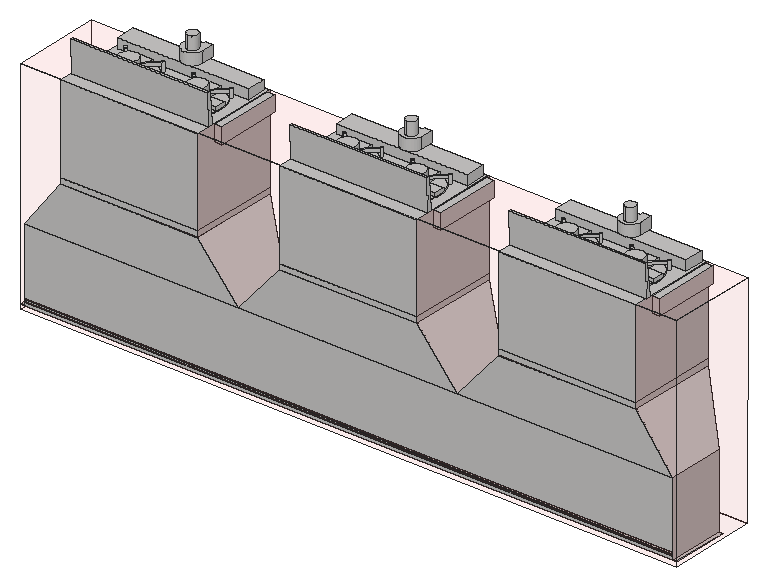
Revit family "Air-Curtain_Industrial_PoweredAire_Gas-Indirect-3Heater", category Mechanical Equipment, host Face, Revit 2019
Family settings
  Host = Face
  Round Connector Dimension = Use Diameter
  Part Type = Normal
  OmniClass Number = 23.75.35.17.21
  OmniClass Title = Air Curtains
  Cut with Voids When Loaded = No
  Shared = No
  Room Calculation Point = No
Parameters (values of type "22 ft Opening EHD 240'' Nozzle")
  topbracket [instance] = Unit Height = 1' 4 3/4"  # no
  Warranty Duration (Years) = 0
  Unit Width Notes = "Other Widths available."  # constant formula
  Unit Width = 20' - 3 3/8"
  Unit Weight = 2870
  Unit Height = 1' - 9"
  Unit Depth = 2' - 3 1/4"
  URL = "http://www.poweredaire.com/"
  Test Data = ""
  Standards Conformance = "AGA  ;  Made in USA"
  Specification = "http://www.arcat.com/sdspecs/htm04/23_34_33pai.htm"
  SpecWizard = ""
  Sound Pressure = ">71 dBA"
  Sales Information = "http://www.poweredaire.com/contact_us"
  Revision = "R1_2016-08"
  Projection from Host [instance] = 0' - 2"
  Product Properties = ""
  Product Data = "http://www.arcat.com/arcatcos/cos47/arc47623.html"
  Power Rating = 0 W
  Piping_Operating Pressure [instance] = 0.00 psi
  Pipe OD [instance] = 5/8"
  Overall Depth = 6' - 7 3/4"
  Nozzle Width = if(1 = 1, Unit Width - 0' 3", 0' 0")  # 20' - 0 3/8"
  Mounting Width = if(1 = 1, Unit Width - 0' 1 1/2", 0' 0")  # 20' - 1 7/8"
  Mounting Height [instance] = 3' - 6"
  Motor RPM = 1160
  Motor HP = 5
  Motor Count = 4
  Model = "EHD-4-240IG"
  Max Height = 22' - 0"
  Manufacturer Website = "http://www.poweredaire.com/"
  Manufacturer Phone - Toll Free = "888-321-2473"
  Manufacturer Phone = "724-588-3305"
  Manufacturer Fax = "724-588-3371"
  Manufacturer Address = "109 Mortensen Rd.  Greenville, PA 16125"
  Manufacturer = "Powered Aire, Inc"
  Maintenance Schedule (Months) = 0
  Keynote = "23 34 33"
  Installation-Fabrication = ""
  Installation Phase = ""
  Include Clearance [instance] = yes
  Heating Element Load = 0 W
  Heater Weight = 0
  Heater Hanging Width = 4' - 0 5/8"
  Heater Finish [instance] = Metal - Steel - PoweredAire - Stainless 304
  HVAC_Temperature Rise = 27 °F
  HVAC_Primary CFM = 0 CFM
  HVAC_Outlet Volume = 29100 CFM
  HVAC_Outlet Velocity Uniformity = 0.95
  HVAC_Outlet Velocity = 4400 FPM
  HVAC_Exit Temperature [instance] = 0 °F
  HVAC_BTU Output = 840000.0 Btu/h
  HVAC_BTU Input = 350000.0 Btu/h
  Green Building-LEED = "http://www.arcat.com/green/clients/leed_data_47623.html"
  Gas Connection Diameter [instance] = 0"
  Frame Finish [instance] = Metal - Steel - PoweredAire - Stainless 304
  Expected Lifespan (Years) = 0
  Exhaust Connection Diameter = 0' - 6"
  Electrical_Wattage [instance] = Power Rating + Heating Element Load  # 0 W
  Electrical_Voltage [instance] = 0 V
  Electrical_Phase [instance] = 1
  Electrical_Frequency [instance] = 0 Hz
  Electrical_Amperage [instance] = 0 A
  Drawn By = "Sumex Design, Inc. / Robert S. Weygant, CSI, CDT, SCIP"
  Description = "Powered Aire Indirect Gas Heated Industrial Air Curtain - EHD-4-240IG as Specified"
  Default Elevation = 0' - 0"  # constant formula
  Copyright = "©Arcat Inc."
  Construction Details = "http://www.arcat.com/details/powair/prod3336.html"
  Clearance_Top [instance] = 1' - 0"
  Clearance_Side B [instance] = 0' - 0"
  Clearance_Side A [instance] = 0' - 0"
  Clearance_Intake [instance] = 0' - 0"
  Clearance_Bottom [instance] = 0' - 0"
  Clearance Material [instance] = ARCAT Clearance
  Building Codes = ""
  Available Options [instance] = "as Specified"
  Assembly Code = "D3090400"
Types (5): name | Unit Width | Unit Weight | Sound Pressure | Nozzle Width | Mounting Width | Motor HP | Motor Count | Model | Max Height | HVAC_Temperature Rise | HVAC_Outlet Volume | HVAC_Outlet Velocity Uniformity | HVAC_Outlet Velocity | Description
  22 ft Opening EHD 240'' Nozzle | 20' - 3 3/8" | 2870 | ">71 dBA" | 20' - 0 3/8" | 20' - 1 7/8" | 5 | 4 | "EHD-4-240IG" | 22' - 0" | 27 °F | 29100 CFM | 0.95 | 4400 FPM | "Powered Aire Indirect Gas Heated Industrial Air Curtain - EHD-4-240IG as Specified"
  22 ft Opening EHD 228'' Nozzle | 19' - 3 3/8" | 2800 | ">71 dBA" | 19' - 0 3/8" | 19' - 1 7/8" | 5 | 4 | "EHD-4-228IG" | 22' - 0" | 27 °F | 28300 CFM | 0.94 | 4800 FPM | "Powered Aire Indirect Gas Heated Industrial Air Curtain - EHD-4-228IG as Specified"
  17 ft Opening TSD 240'' Nozzle 5 Motor | 20' - 3 1/2" | 2550 | ">69 dBA" | 20' - 0 1/2" | 20' - 2" | 3 | 5 | "TSD-5-240IG" | 17' - 0" | 34 °F | 25900 CFM | 0.951 | 3900 FPM | "Powered Aire Indirect Gas Heated Industrial Air Curtain - TSD-5-240IG as Specified"
  17 ft Opening TSD 240'' Nozzle 4 Motor | 20' - 3 3/8" | 2330 | ">69 dBA" | 20' - 0 3/8" | 20' - 1 7/8" | 3 | 4 | "TSD-4-240IG" | 17' - 0" | 38 °F | 21500 CFM | 0.863 | 3300 FPM | "Powered Aire Indirect Gas Heated Industrial Air Curtain - TSD-4-240IG as Specified"
  17 ft Opening TSD 228'' Nozzle | 19' - 3 3/8" | 2310 | ">69 dBA" | 19' - 0 3/8" | 19' - 1 7/8" | 3 | 4 | "TSD-4-228IG" | 17' - 0" | 40 °F | 20800 CFM | 0.863 | 3300 FPM | "Powered Aire Indirect Gas Heated Industrial Air Curtain - TSD-4-228IG as Specified"
Reference planes (in)
  plane 1 "Center (Elevation)": y = 0.13818
  plane 2: z = 0
  plane 3 "Center (Left/Right)": x = 0
  plane 4 "Top": y = 10.63818
  plane 5: y = -10.36182
  plane 6: x = -121.6875
  plane 7: x = 121.6875
  plane 8 "Front": z = 29.25
  plane 9 "FF": y = -41.86182
  plane 10: z = 2
  plane 11: x = 120.1875
  plane 12: x = -120.1875
  plane 13: y = 22.63818
  plane 14: y = -10.36182
  plane 15: x = -121.6875
  plane 16: x = 121.6875
  plane 17: z = 81.75
  plane 18: x = 120.125
  plane 19: x = -120.125
  plane 20: x = 120.1875
  plane 21: x = 120.1875
  plane 22: y = 8.13818
  plane 23: y = -7.86182
  plane 24: z = 81.75
  plane 25: z = 49.25
  plane 26: z = 47.25
  plane 27: x = -56.8125
  plane 28: x = -105.4375
  plane 29: x = -55.75
  plane 30: x = -106.5
  plane 31: x = 56.8125
  plane 32: x = 105.4375
  plane 33: x = 55.75
  plane 34: x = 106.5
  plane 35: x = -81.125
  plane 36: x = 81.125
  plane 37: x = -24.3125
  plane 38: x = 24.3125
  plane 39: x = -25.375
  plane 40: x = 25.375
  plane 41: x = -40.5625
  plane 42: x = 40.5625
Forms (in)
  Extrusion 1, solid, material "Metal - Steel - PoweredAire - Stainless 304" <- "Frame Finish"
    sketch origin (0, 0, 0) x (0, 1, 0) y (0, 0, 1)
      loop
        line (-10.36182, 2) -> (10.63818, 2) -> (10.63818, 29.25) -> (-10.36182, 29.25) -> (-10.36182, 2)
    from -120.1875 to 120.1875
  Extrusion 2, solid, material "ARCAT Clearance" <- "Clearance Material", visible <- "Include Clearance"
    sketch origin (0, 0, 0) x (0, 1, 0) y (0, 0, 1)
      loop
        line (-10.36182, 81.75) -> (-10.36182, 0) -> (22.63818, 0) -> (22.63818, 81.75) -> (-10.36182, 81.75)
    from -121.6875 to 121.6875
  Extrusion 3, solid, material "Metal - Steel - PoweredAire - Stainless 304" <- "Frame Finish"
    sketch origin (-15.17702, -180, 2) x (-1, 0, 0) y (0, -1, 0)
      loop
        line (-135.36452, -190.63818) -> (-135.36452, -169.63818) -> (-136.86452, -169.63818) -> (-136.86452, -190.63818) -> (-135.36452, -190.63818)
      loop
        line (105.01048, -190.63818) -> (106.51048, -190.63818) -> (106.51048, -169.63818) -> (105.01048, -169.63818) -> (105.01048, -190.63818)
    from 0 to 0.125
  Extrusion 4, solid, material "Metal - Steel - PoweredAire - Stainless 304" <- "Frame Finish", visible <- "topbracket"
    sketch origin (-11.83813, 10.63818, 48) x (-1, 0, 0) y (0, 0, 1)
      loop
        line (-132.02563, -45.5) -> (-132.02563, -42.75) -> (-133.52563, -42.75) -> (-133.52563, -45.5) -> (-132.02563, -45.5)
      loop
        line (-132.02563, -21.5) -> (-132.02563, -18.75) -> (-133.52563, -18.75) -> (-133.52563, -21.5) -> (-132.02563, -21.5)
      loop
        line (108.34937, -45.5) -> (109.84937, -45.5) -> (109.84937, -42.75) -> (108.34937, -42.75) -> (108.34937, -45.5)
      loop
        line (108.34937, -21.5) -> (109.84937, -21.5) -> (109.84937, -18.75) -> (108.34937, -18.75) -> (108.34937, -21.5)
    from 0 to -0.125
  Extrusion 5, void
    sketch origin (0, 0, 0) x (0, 1, 0) y (0, 0, 1)
      loop
        line (-10.36182, 3) -> (-9.36182, 3) -> (-9.36182, 4.5) -> (-10.36182, 4.5) -> (-10.36182, 3.82425) -> (-9.50864, 3.82425) -> (-9.50864, 3.57425) -> (-10.36182, 3.57425) -> (-10.36182, 3)
    from -120.125 to 120.125
  Blend 6, solid, material "Metal - Steel - PoweredAire - Stainless 304" <- "Frame Finish"
    base sketch origin (-15.17702, -180, 29.25) x (-1, 0, 0) y (0, -1, 0)
      loop
        line (105.01048, -190.63818) -> (105.01048, -169.63818) -> (25.38548, -169.63818) -> (25.38548, -190.63818) -> (105.01048, -190.63818)
    top sketch origin (-15.17702, -180, 29.25) x (-1, 0, 0) y (0, -1, 0)
      loop
        line (40.57298, -169.63818) -> (40.57298, -202.63818) -> (91.32298, -202.63818) -> (91.32298, -169.63818) -> (40.57298, -169.63818)
    from 0 to 18
  Blend 7, solid, material "Metal - Steel - PoweredAire - Stainless 304" <- "Frame Finish"
    base sketch origin (15.17702, -180, 29.25) x (1, 0, 0) y (0, 1, 0)
      loop
        line (105.01048, 190.63818) -> (25.38548, 190.63818) -> (25.38548, 169.63818) -> (105.01048, 169.63818) -> (105.01048, 190.63818)
    top sketch origin (15.17702, -180, 29.25) x (1, 0, 0) y (0, 1, 0)
      loop
        line (91.32298, 169.63818) -> (91.32298, 202.63818) -> (40.57298, 202.63818) -> (40.57298, 169.63818) -> (91.32298, 169.63818)
    from 0 to 18
  Blend 8, solid, material "Metal - Steel - PoweredAire - Stainless 304" <- "Frame Finish"
    base sketch origin (-61.94798, -180, 29.25) x (1, 0, 0) y (0, 1, 0)
      loop
        line (102.51048, 190.63818) -> (21.38548, 190.63818) -> (21.38548, 169.63818) -> (102.51048, 169.63818) -> (102.51048, 190.63818)
    top sketch origin (-61.94798, -180, 29.25) x (1, 0, 0) y (0, 1, 0)
      loop
        line (36.57298, 169.63818) -> (87.32298, 169.63818) -> (87.32298, 202.63818) -> (36.57298, 202.63818) -> (36.57298, 169.63818)
    from 0 to 18
Cuts and joins
  Extrusion 5 cuts Extrusion 1
Dimensions and locks (in)
  equal spacing: plane 4 "Top", plane 1 "Center (Elevation)", plane 5
  "Unit Height": plane 4 "Top" to plane 5
  "Unit Width": plane 6 to plane 7
  "Mounting Height": plane 1 "Center (Elevation)" to plane 9 "FF"
  "Projection from Host": plane 10 to level
  "Unit Depth": plane 8 "Front" to plane 10
  locked: plane 6 to plane 12 at 1.5
  locked: plane 11 to plane 7 at 1.5
  "Clearance_Side A": plane 7 to plane 16
  "Clearance_Side B": plane 15 to plane 6
  "Clearance_Top": plane 13 to plane 4 "Top"
  "Clearance_Bottom": plane 5 to plane 14
  "Clearance_Intake": plane 17 to plane 24
  Extrusion 5 sketch curve to Extrusion 5 sketch curve to Extrusion 5 sketch curve to Extrusion 5 sketch curve to plane 10 = 0' - 0.67575" locked, 0' - 0 1/4" locked, 0' - 0.57425" locked, 0' - 1" locked
  plane 5 to Extrusion 5 sketch curve to Extrusion 5 sketch curve = 0' - 0.85319" locked, 0' - 0.14681" locked
  locked: plane 19 to plane 12 at 0.0625
  locked: plane 11 to plane 18 at 0.0625
  locked: plane 20 to plane 11
  locked: plane 21 to plane 11
  locked: plane 4 "Top" to plane 22 at 2.5
  locked: plane 23 to plane 5 at 2.5
  "Overall Depth": plane 24 to plane 10
  locked: plane 25 to plane 26 at 2
  locked: plane 24 to plane 25 at 32.5
  locked: Blend 6 sketch curve to plane 5 at 33
  Extrusion 4 sketch curve to Extrusion 4 sketch curve to plane 10 = 0' - 2 3/4" locked, 0' - 0 1/2" locked  (x2)
  plane 8 "Front" to Extrusion 4 sketch curve to Extrusion 4 sketch curve = 0' - 0" locked, 0' - 2 3/4" locked  (x2)
  locked: plane 30 to plane 28 at 1.0625
  locked: plane 27 to plane 29 at 1.0625
  locked: plane 32 to plane 34 at 1.0625
  locked: plane 33 to plane 31 at 1.0625
  "Heater Hanging Width": plane 28 to plane 27
  equal spacing: plane 31, plane 36, plane 32
  "Heater Hanging Width": plane 31 to plane 32
  locked: Blend 7 sketch curve to plane 5 at 33
  locked: plane 38 to plane 40 at 1.0625
  locked: plane 39 to plane 37 at 1.0625
  equal spacing: plane 37, plane 3 "Center (Left/Right)", plane 38
  "Heater Hanging Width": plane 37 to plane 38
  equal spacing: plane 28, plane 35, plane 27
  equal spacing: plane 6, plane 35, plane 41, plane 3 "Center (Left/Right)", plane 42, plane 36, plane 7
  locked: Blend 8 sketch curve to plane 5 at 33
  aligned and locked: plane 2 to host face
  aligned and locked: level to host face
  aligned and locked: Extrusion 2 sketch curve to plane 17
  aligned and locked: plane 14 to Extrusion 2 sketch curve
  aligned and locked: level to Extrusion 2 sketch curve
  aligned and locked: Extrusion 2 sketch curve to plane 13
  aligned and locked: plane 16 to Extrusion 2
  aligned and locked: Extrusion 2 to plane 15
  aligned and locked: plane 11 to Extrusion 1
  aligned and locked: Extrusion 1 to plane 12
  aligned and locked: Extrusion 1 sketch curve to plane 8 "Front"
  aligned and locked: plane 24 to nested 1
  aligned and locked: plane 5 to Blend 6 sketch curve
  aligned and locked: plane 12 to Blend 6 sketch curve
  aligned and locked: Blend 6 sketch curve to plane 4 "Top"
  aligned and locked: Blend 6 sketch curve to plane 5
  aligned and locked: plane 26 to Blend 6
  aligned and locked: plane 35 to nested 1
  aligned and locked: plane 36 to nested 2
  aligned and locked: nested 2 to plane 24
  aligned and locked: plane 5 to Blend 7 sketch curve
  aligned and locked: plane 11 to Blend 7 sketch curve
  aligned and locked: Blend 7 sketch curve to plane 4 "Top"
  aligned and locked: plane 33 to Blend 7 sketch curve
  aligned and locked: Blend 7 sketch curve to plane 5
  aligned and locked: Blend 7 sketch curve to plane 34
  aligned and locked: plane 18 to cut or joined group of Extrusion 1, Extrusion 5
  aligned and locked: cut or joined group of Extrusion 1, Extrusion 5 to plane 19
  aligned and locked: plane 3 "Center (Left/Right)" to nested 3
  aligned and locked: plane 24 to nested 3
  aligned and locked: Blend 6 sketch curve to plane 41
  aligned and locked: Blend 7 sketch curve to plane 42
  aligned and locked: plane 30 to Blend 6 sketch curve
  aligned and locked: Blend 6 sketch curve to plane 29
  aligned and locked: Blend 8 sketch curve to plane 41
  aligned and locked: plane 42 to Blend 8 sketch curve
  aligned and locked: Blend 8 sketch curve to plane 5
  aligned and locked: Blend 8 sketch curve to plane 4 "Top"
  aligned and locked: Blend 8 sketch curve to plane 39
  aligned and locked: plane 40 to Blend 8 sketch curve
  aligned and locked: plane 26 to Blend 8
Automatic sketch dimensions
  host sketch curve to host sketch curve = 8' - 0"  (x2)
  Extrusion 1 sketch curve to plane 5 = 0' - 0"
  Extrusion 1 sketch curve to plane 4 "Top" = 0' - 0"
  Extrusion 1 sketch curve to plane 10 = 0' - 0"
  plane 4 "Top" to Extrusion 3 sketch curve = 0' - 0"
  Extrusion 3 sketch curve to plane 7 = 0' - 0"
  plane 5 to Extrusion 3 sketch curve = 0' - 0"
  Extrusion 3 sketch curve to plane 11 = 0' - 0"
  Extrusion 3 sketch curve to plane 4 "Top" = 0' - 0"
  Extrusion 3 sketch curve to plane 12 = 0' - 0"
  Extrusion 3 sketch curve to plane 6 = 0' - 0"
  Extrusion 3 sketch curve to plane 5 = 0' - 0"
  Extrusion 4 sketch curve to plane 7 = 0' - 0"  (x2)
  Extrusion 4 sketch curve to plane 11 = 0' - 0"  (x2)
  Extrusion 4 sketch curve to plane 12 = 0' - 0"  (x2)
  Extrusion 4 sketch curve to plane 6 = 0' - 0"  (x2)
  Extrusion 5 sketch curve to plane 5 = 0' - 0"  (x2)
  Blend 8 sketch curve to plane 5 = 0' - 0"
Nested families (in)
  nested 1: "Heater" at (-81.125, -10.36182, 49.2987) x (1, 0, 0) z (0, 1, 0), finish <- "Heater Finish", burner width <- "Heater Hanging Width", type "Heater"
    with finish Metal - Steel - PoweredAire - Stainless 304, burner width 4' - 0 5/8", Two Fan yes, One Fan no
  nested 2: "Heater" at (81.125, -10.36182, 49.2987) x (1, 0, 0) z (0, 1, 0), finish <- "Heater Finish", burner width <- "Heater Hanging Width", type "Heater"
    with finish Metal - Steel - PoweredAire - Stainless 304, burner width 4' - 0 5/8", Two Fan yes, One Fan no
  nested 3: "Heater" at (0, -10.36182, 49.2987) x (1, 0, 0) z (0, 1, 0), finish <- "Heater Finish", burner width <- "Heater Hanging Width", type "Heater"
    with finish Metal - Steel - PoweredAire - Stainless 304, burner width 4' - 0 5/8", Two Fan yes, One Fan no
Connectors (in)
  electrical at (-120.1875, 0.13818, 15.625), driven by "Electrical_Voltage", driven by "Electrical_Phase"
    settings: on cut or joined group of Extrusion 1, Extrusion 5, index 3, voltage 0 V, apparent load 0 VA, apparent load phase1 0 VA, apparent load phase2 0 VA, apparent load phase3 0 VA, power factor 1, load classification "Motor", number of poles 1, system type 31, power factor state 1, is connector primary yes, connector utility no, sub classification motor no, connector description ""
  hvac at (-78.125, 22.63818, 87.40625), driven by "Exhaust Connection Diameter", driven by "HVAC_Primary CFM"
    settings: on nested 1, index 4, duct flow 0 CFM, flow factor 0, pres drop 0.00 in-wg, loss coef 0, conn angle 0.00°, conn width 12", conn height 12", conn diameter 6", duct sys type 3, conn prof type 0, flow config 0, flow direction 2, loss method 0, conn ref index -1, conn util no, is conn primary yes, conn desc ""
  hvac at (84.125, 22.63818, 87.40625), driven by "HVAC_Primary CFM", driven by "Exhaust Connection Diameter"
    settings: on nested 2, index 5, duct flow 0 CFM, flow factor 0, pres drop 0.00 in-wg, loss coef 0, conn angle 0.00°, conn width 12", conn height 12", conn diameter 6", duct sys type 3, conn prof type 0, flow config 0, flow direction 2, loss method 0, conn ref index -1, conn util no, is conn primary no, conn desc ""
  hvac at (3, 22.63818, 87.40625), driven by "HVAC_Primary CFM", driven by "Exhaust Connection Diameter"
    settings: on nested 3, index 6, duct flow 0 CFM, flow factor 0, pres drop 0.00 in-wg, loss coef 0, conn angle 0.00°, conn width 12", conn height 12", conn diameter 6", duct sys type 3, conn prof type 0, flow config 0, flow direction 2, loss method 0, conn ref index -1, conn util no, is conn primary no, conn desc ""
Definition of nested family "Heater"
  Parameters
    finish [instance] = none
    burner width [instance] = 4' - 0 5/8"
    burner depth = 3' - 8 3/4"
    Two Fan [instance] = burner width > 4' 0"  # yes
    One Fan [instance] = burner width < 4' 0"  # no
    Default Elevation = 0' - 0"  # constant formula
  Reference planes (in)
    plane 1 "Center (Front/Back)": y = 0
    plane 2: z = 0
    plane 3 "Center (Left/Right)": x = 0
    plane 4: x = -25.375
    plane 5: x = 25.375
    plane 6: z = 33
    plane 7: y = -44.75
    plane 8: x = 3
    plane 9: x = 4.375
    plane 10: x = -12.6875
    plane 11: x = 12.6875
    plane 12: z = 15.5
    plane 13: x = -24.3125
    plane 14: x = 24.3125
  Forms (in)
    Extrusion 1, solid, material <- "finish"
      sketch origin (-74.94554, -3, 38.65968) x (0, 0, 1) y (1, 0, 0)
        loop
          line (-5.65968, 49.57054) -> (-5.65968, 100.32054) -> (-38.65968, 100.32054) -> (-38.65968, 49.57054) -> (-5.65968, 49.57054)
      from 3 to -29.4513
    Extrusion 2, solid, material <- "finish"
      sketch origin (0, 0, 0) x (0, 1, 0) y (0, 0, 1)
        loop
          line (2, 0) -> (2, 33) -> (0, 33) -> (0, 0) -> (2, 0)
      from -25.375 to 25.375
    Extrusion 3, solid, material <- "finish"
      sketch origin (-74.94554, -32.4513, 38.65968) x (0, 0, 1) y (1, 0, 0)
        loop
          line (-6.91591, 50.82971) -> (-6.91591, 99.10844) -> (-13.91591, 99.10844) -> (-13.91591, 50.82971) -> (-6.91591, 50.82971)
      from 0 to -3.625
    Extrusion 4, solid, material <- "finish"
      sketch origin (-74.94554, -36.0763, 38.65968) x (0, 0, 1) y (1, 0, 0)
        loop
          arc (-10.4052, 79.32054) -> (-12.67312, 72.60509) -> (-6.79809, 76.57054) r 3.74068
          line (-6.79809, 76.57054) -> (-5.65968, 76.57054) -> (-5.65968, 79.32054) -> (-10.4052, 79.32054)
      from 0 to -4.0625
    Extrusion 5, solid, material <- "finish"
      sketch origin (-73.58006, -40.1388, 35.52564) x (0, 0, -1) y (1, 0, 0)
        loop
          circle (7.27116, 74.21438) r 2
      from 4.6112 to 0
    Extrusion 6, solid, material <- "finish"
      sketch origin (0, 0, 0) x (1, 0, 0) y (0, 1, 0)
        loop
          line (28.3125, -32.4513) -> (28.3125, -26.7013) -> (25.3125, -26.7013) -> (25.3125, -32.4513) -> (28.3125, -32.4513)
      from 7.25 to 31.75
    Extrusion 7, solid, material <- "finish", visible <- "Two Fan"
      sketch origin (0, 0, 0) x (0, 1, 0) y (0, 0, 1)
        loop
          line (-32.4513, 6.22268) -> (-44.15658, 5.1986) -> (-44.15658, 4.4486) -> (-32.4513, 4.85736) -> (-32.4513, 6.22268)
      from -25.375 to 25.375
  Dimensions and locks (in)
    locked: Extrusion 4 sketch curve to Extrusion 4 sketch curve at 2.75
    "burner width": plane 13 to plane 14
    locked: plane 6 to level at 33
    "burner depth": plane 7 to plane 1 "Center (Front/Back)"
    locked: plane 8 to plane 9 at 1.375
    Extrusion 4 sketch curve to Extrusion 4 sketch curve to plane 8 = 0' - 0.99068" locked, 0' - 1 3/8" locked
    locked: Extrusion 5 sketch curve to plane 8 at 2.36568
    locked: plane 8 to plane 3 "Center (Left/Right)" at 3
    Extrusion 6 sketch curve to plane 5 to Extrusion 6 sketch curve = 0' - 0 1/16" locked, 0' - 2 15/16" locked
    equal spacing: plane 5, plane 11, plane 3 "Center (Left/Right)", plane 10, plane 4
    locked: plane 4 to plane 13 at 1.0625
    locked: plane 14 to plane 5 at 1.0625
    aligned and locked: plane 2 to level
    aligned: Extrusion 4 to Extrusion 5
    aligned: Extrusion 3 to Extrusion 2  (x2)
    aligned and locked: plane 7 to Extrusion 5
    aligned and locked: plane 4 to Extrusion 1 sketch curve
    aligned and locked: Extrusion 1 sketch curve to plane 5
    aligned and locked: Extrusion 7 to plane 4
    aligned and locked: plane 5 to Extrusion 7
    aligned and locked: plane 12 to nested 1
    aligned and locked: plane 3 "Center (Left/Right)" to nested 1
    aligned and locked: plane 12 to nested 3
    aligned and locked: plane 11 to nested 3
    aligned and locked: plane 10 to nested 2
    aligned and locked: plane 12 to nested 2
    aligned and locked: plane 5 to Extrusion 2
    aligned and locked: Extrusion 2 to plane 4
  Automatic sketch dimensions
    Extrusion 1 to Extrusion 3 sketch curve = 0' - 1.25917"
    Extrusion 1 to Extrusion 3 sketch curve = 0' - 8.25624"
    Extrusion 1 to Extrusion 3 sketch curve = 0' - 1.2121"
    Extrusion 1 to Extrusion 3 sketch curve = 0' - 1.25624"
    Extrusion 4 sketch curve to Extrusion 3 = 0' - 0.11782"
    Extrusion 4 sketch curve to Extrusion 3 = 0' - 1.25624"
    Extrusion 5 sketch curve to Extrusion 4 = 0' - 4.74552"
    Extrusion 1 sketch curve to level = 0' - 0"
    Extrusion 1 sketch curve to plane 6 = 0' - 0"
    Extrusion 2 sketch curve to level = 0' - 0"
    Extrusion 2 sketch curve to plane 1 "Center (Front/Back)" = 0' - 0"
    Extrusion 2 sketch curve to plane 6 = 0' - 0"
    Extrusion 2 sketch curve to Extrusion 2 sketch curve = 0' - 2"
    Extrusion 6 sketch curve to plane 7 = 1' - 0.2987"
    Extrusion 6 sketch curve to Extrusion 6 sketch curve = 0' - 5 3/4"
    Extrusion 7 sketch curve to plane 7 = 0' - 0.59342"
    level to Extrusion 7 sketch curve = 0' - 4.4486"
    Extrusion 7 sketch curve to Extrusion 7 sketch curve = 0' - 0 3/4"
    level to Extrusion 7 sketch curve = 0' - 4.85736"
    Extrusion 7 sketch curve to Extrusion 7 sketch curve = 0' - 11.70529"
    Extrusion 7 sketch curve to Extrusion 7 sketch curve = 0' - 1.36532"
    radius of Extrusion 5 sketch curve = 0' - 2"
  Nested families (in)
    nested 1: "FanControls" at (0, -32.4513, 15.5) x (1, 0, 0) z (0, -1, 0), finish <- "finish", visible <- "One Fan", type "FanControls"
      with finish none
    nested 2: "FanControls" at (-12.6875, -32.4513, 15.5) x (1, 0, 0) z (0, -1, 0), finish <- "finish", visible <- "Two Fan", type "FanControls"
      with finish none
    nested 3: "FanControls" at (12.6875, -32.4513, 15.5) x (1, 0, 0) z (0, -1, 0), finish <- "finish", visible <- "Two Fan", type "FanControls"
      with finish none
  Definition of nested family "FanControls"
    Parameters
      finish [instance] = none
      Default Elevation = 4' - 0"
    Reference planes (in)
      plane 1 "Center (Front/Back)": y = 0
      plane 2: z = 0
      plane 3 "Center (Left/Right)": x = 0
    Forms (in)
      Extrusion 1, solid, material <- "finish"
        sketch origin (-75.00804, 32.07233, 0) x (1, 0, 0) y (0, -1, 0)
          loop
            circle (75.00804, 32.07233) r 3.25
        from -5.33075 to 0
      Extrusion 2, solid, material <- "finish"
        sketch origin (24.44581, -78.06044, 0) x (1, 0, 0) y (0, -1, 0)
          loop
            line (-22.50831, -86.58776) -> (-22.50831, -81.58776) -> (-26.50831, -81.58776) -> (-26.50831, -86.58776) -> (-22.50831, -86.58776)
          loop
            line (-22.50831, -69.53312) -> (-26.50831, -69.53312) -> (-26.50831, -74.53312) -> (-22.50831, -74.53312) -> (-22.50831, -69.53312)
          loop
            line (-15.98099, -76.06044) -> (-20.98099, -76.06044) -> (-20.98099, -80.06044) -> (-15.98099, -80.06044) -> (-15.98099, -76.06044)
          loop
            line (-33.03563, -76.06044) -> (-33.03563, -80.06044) -> (-28.03563, -80.06044) -> (-28.03563, -76.06044) -> (-33.03563, -76.06044)
        from 0 to -1.37288
      Extrusion 3, solid, material <- "finish"
        sketch origin (-75.00804, 21.40968, 0) x (1, 0, 0) y (0, -1, 0)
          loop
            line (68.02536, 14.95733) -> (68.55569, 14.427) -> (75.00804, 20.87935) -> (81.46039, 14.427) -> (81.99072, 14.95733) -> (75.53837, 21.40968) -> (81.99072, 27.86203) -> (81.46039, 28.39236) -> (75.00804, 21.94001) -> (68.55569, 28.39236) -> (68.02536, 27.86203) -> (74.47771, 21.40968) -> (68.02536, 14.95733)
        from -3.1123 to -2
      Extrusion 4, solid, material <- "finish"
        sketch origin (-75.00804, 21.40968, 0) x (1, 0, 0) y (0, -1, 0)
          loop
            line (68.02536, 13.89667) -> (68.55569, 14.427) -> (68.02536, 14.95733) -> (67.49503, 14.427) -> (68.02536, 13.89667)
          loop
            line (82.52105, 14.427) -> (81.99072, 14.95733) -> (81.46039, 14.427) -> (81.99072, 13.89667) -> (82.52105, 14.427)
          loop
            line (81.99072, 28.92269) -> (81.46039, 28.39236) -> (81.99072, 27.86203) -> (82.52105, 28.39236) -> (81.99072, 28.92269)
          loop
            line (67.49503, 28.39236) -> (68.02536, 27.86203) -> (68.55569, 28.39236) -> (68.02536, 28.92269) -> (67.49503, 28.39236)
        from 0 to -3.1123
      Extrusion 5, solid, material <- "finish"
        sketch origin (0, 0, 0) x (1, 0, 0) y (0, 1, 0)
          loop
            circle (0, 0) r 9
        from 0 to 0.14961
    Dimensions and locks (in)
      Extrusion 4 sketch curve to Extrusion 4 sketch curve to Extrusion 4 sketch curve to Extrusion 4 sketch curve = 0' - 0.53033" locked, 0' - 0" locked, 0' - 0.53033" locked  (x4)
      Extrusion 3 sketch curve to Extrusion 3 sketch curve to Extrusion 3 sketch curve to Extrusion 3 sketch curve to Extrusion 3 sketch curve = 0' - 5.92202" locked, 0' - 0" locked, 0' - 0.53033" locked, 0' - 0" locked
      Extrusion 3 sketch curve to Extrusion 3 sketch curve to Extrusion 3 sketch curve to Extrusion 3 sketch curve to Extrusion 3 sketch curve = 0' - 0" locked, 0' - 0.53033" locked, 0' - 0" locked, 0' - 5.92202" locked
      locked: Extrusion 2 sketch curve to Extrusion 2 sketch curve at 5  (x2)
      aligned and locked: plane 2 to level
